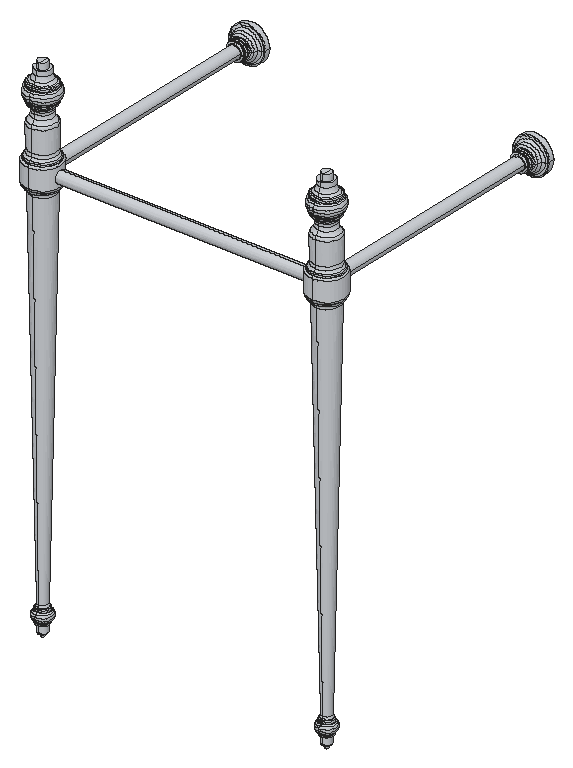
Revit family "Furniture-Console_Table_Legs-KOHLER-Memoirs-K-30007", category Specialty Equipment, host Face, Revit 2015 (continued)
Definition of nested family "K-30007"
  Lines and regions (in)
    symbolic lines, detail levels medium+fine
      curve 20: arc (9.25, 0, 15.26955) -> (8.875, 0, 15.20501) -> (8.5, 0, 15.26955) r 1.12168
      curve 21: arc (-7.83205, 0, 16.6875) -> (-7.76833, 0, 16.3125) -> (-7.83205, 0, 15.9375) r 1.13524
      curve 22: arc (-8.5, 0, 15.26955) -> (-8.875, 0, 15.205) -> (-9.25, 0, 15.26955) r 1.12151
      curve 23: line (0, 11.10777, 0.37504) -> (0, 8.91423, 0.37504)
      curve 24: line (0, 10.58314, 0.89887) -> (0, 9.43886, 0.89887)
      curve 25: line (0, 10.50401, 0.96522) -> (0, 9.51799, 0.96522)
      curve 26: line (0, 10.52543, 1.19637) -> (0, 9.49657, 1.19637)
      curve 27: line (0, 10.386, 1.346) -> (0, 9.636, 1.346)
      curve 28: arc (0, 10.386, 15.205) -> (0, 10.011, 15.27146) -> (0, 9.636, 15.205) r 1.09128
      curve 29: line (0, 15.765, 16.6215) -> (0, 15.765, 16.0035)
      curve 30: line (0, 14.99688, 17.13591) -> (0, 14.99688, 15.48909)
      curve 31: line (0, 14.80784, 17.19315) -> (0, 14.80784, 15.43185)
      curve 32: line (0, 14.03918, 17.19812) -> (0, 14.03918, 15.42688)
      curve 33: line (0, 13.84728, 17.14865) -> (0, 13.84728, 15.47635)
      curve 34: line (0, 12.68239, 17.17074) -> (0, 12.68239, 15.45426)
      curve 35: line (0, 10.71699, 17.31997) -> (0, 10.71699, 15.30503)
      curve 36: line (0, 10.89852, 17.26716) -> (0, 10.89852, 15.35784)
      curve 37: line (0, 9.30505, 17.31711) -> (0, 9.30505, 15.30789)
      curve 38: line (0, 9.14136, 17.26262) -> (0, 9.14136, 15.36238)
      curve 39: line (0, -16.094, 16.3965) -> (0, -16.094, 16.2285)
      curve 40: line (0, -15.875, 16.3965) -> (0, -15.875, 16.2285)
      curve 41: line (0, -15.33512, 16.6065) -> (0, -15.33512, 16.0185)
      curve 42: line (0, -15.16801, 16.75216) -> (0, -15.16801, 15.87284)
      curve 43: line (0, -14.58531, 16.74599) -> (0, -14.58531, 15.87901)
      curve 44: line (0, -14.42168, 16.70644) -> (0, -14.42168, 15.91856)
      curve 45: line (-8.959, -16.094, 0) -> (-8.791, -16.094, 0)
      curve 46: line (-8.959, -15.875, 0) -> (-8.791, -15.875, 0)
      curve 47: line (-9.169, -15.33512, 0) -> (-8.581, -15.33512, 0)
      curve 48: line (-9.31466, -15.16801, 0) -> (-8.43534, -15.16801, 0)
      curve 49: line (-9.30849, -14.58531, 0) -> (-8.44151, -14.58531, 0)
      curve 50: line (-9.26894, -14.42168, 0) -> (-8.48106, -14.42168, 0)
      curve 51: line (-9.82512, 9.14136, 0) -> (-7.92488, 9.14136, 0)
      curve 52: line (-9.87961, 9.30505, 0) -> (-7.87039, 9.30505, 0)
      curve 53: line (-9.88247, 10.71699, 0) -> (-7.86753, 10.71699, 0)
      curve 54: line (-9.82966, 10.89852, 0) -> (-7.92034, 10.89852, 0)
      curve 55: line (-9.73324, 12.68239, 0) -> (-8.01676, 12.68239, 0)
      curve 56: line (-9.71115, 13.84728, 0) -> (-8.03885, 13.84728, 0)
      curve 57: line (-9.76062, 14.03918, 0) -> (-7.98938, 14.03918, 0)
      curve 58: line (-9.73623, 14.85323, 0) -> (-8.01377, 14.85323, 0)
      curve 59: line (-8.05159, 14.99688, 0) -> (-9.69841, 14.99688, 0)
      curve 60: line (-9.184, 15.765, 0) -> (-8.566, 15.765, 0)
      curve 61: arc (-7.7675, 10.386, 0) -> (-7.83138, 10.011, 0) -> (-7.7675, 9.636, 0) r 1.13258
      curve 62: line (8.959, -16.094, 0) -> (8.791, -16.094, 0)
      curve 63: line (8.959, -15.875, 0) -> (8.791, -15.875, 0)
      curve 64: line (9.169, -15.33512, 0) -> (8.581, -15.33512, 0)
      curve 65: line (9.31466, -15.16801, 0) -> (8.43534, -15.16801, 0)
      curve 66: line (9.30849, -14.58531, 0) -> (8.44151, -14.58531, 0)
      curve 67: line (9.26894, -14.42168, 0) -> (8.48106, -14.42168, 0)
      curve 68: line (9.82512, 9.14136, 0) -> (7.92488, 9.14136, 0)
      curve 69: line (9.87961, 9.30505, 0) -> (7.87039, 9.30505, 0)
      curve 70: line (9.88247, 10.71699, 0) -> (7.86753, 10.71699, 0)
      curve 71: line (9.82966, 10.89852, 0) -> (7.92034, 10.89852, 0)
      curve 72: line (9.73324, 12.68239, 0) -> (8.01676, 12.68239, 0)
      curve 73: line (9.71115, 13.84728, 0) -> (8.03885, 13.84728, 0)
      curve 74: line (9.76062, 14.03918, 0) -> (7.98938, 14.03918, 0)
      curve 75: line (9.73623, 14.85323, 0) -> (8.01377, 14.85323, 0)
      curve 76: line (8.05159, 14.99688, 0) -> (9.69841, 14.99688, 0)
      curve 77: line (9.184, 15.765, 0) -> (8.566, 15.765, 0)
      curve 78: arc (7.7675, 10.386, 0) -> (7.83138, 10.011, 0) -> (7.7675, 9.636, 0) r 1.13258
  Dimensions and locks (in)
    locked: plane 4 to plane 5 at 17.75
    locked: plane 6 to level at 16.3125
    aligned and locked: plane 2 to level
Types (5): name | Type | Model | Finish
  (no name) | 1 | "K-30007-CP" | Kohler-Metal-CP-Polished_Chrome
  CP-Polished Chrome | 1 | "K-30007-CP" | Kohler-Metal-CP-Polished_Chrome
  BN-Vibrant Brushed Nickel | 2 | "K-30007-BN" | Kohler-Metal-BN-Vibrant_Brushed_Nickel
  BV-Vibrant Brushed Bronze | 3 | "K-30007-BV" | Kohler-Metal-BV-Brushed_Bronze
  2BZ-Oil_Rubbed Bronze | 4 | "K-30007-2BZ" | Kohler-Metal-2BZ-Oil_Rubbed_Bronze
